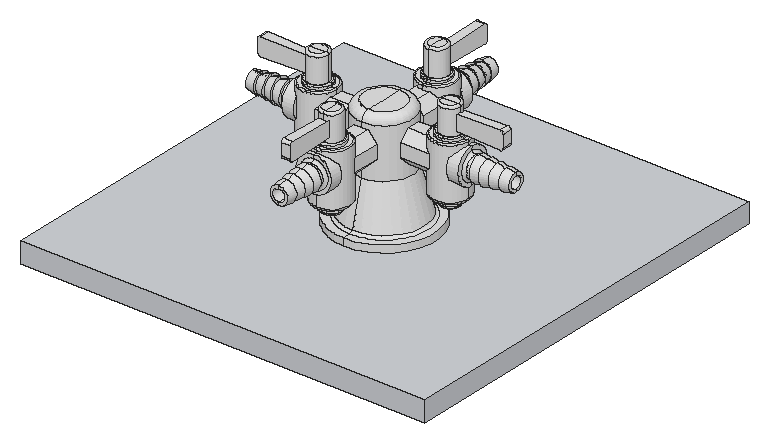
Revit family (continued)
Lines and regions (mm)
  symbolic lines, style "Taps/Mixers"
    curve 524: arc (6.748, 43.504, 0) -> (5.984, 44.109, 0) -> (5.598, 45.004, 0) r 2
    curve 525: arc (1.25, 60.67, 0) -> (1.957, 60.377, 0) -> (2.25, 59.67, 0) r 1
    curve 526: arc (-2.25, 59.67, 0) -> (-1.957, 60.377, 0) -> (-1.25, 60.67, 0) r 1
    curve 527: line (-2.25, 43.504, 0) -> (-6.752, 43.504, 0)
    curve 528: line (-6.752, 43.504, 0) -> (-6.752, 38.6, 0)
    curve 529: line (-8, 28.527, 0) -> (-8, 14.65, 0)
    curve 530: line (-8, 14.65, 0) -> (8, 14.65, 0)
    curve 531: line (8, 14.65, 0) -> (8, 28.527, 0)
    curve 532: line (-2.25, 47.004, 0) -> (-6.202, 47.004, 0)
    curve 533: line (-6.202, 47.004, 0) -> (-5.202, 51.504, 0)
    curve 534: line (2.25, 47.004, 0) -> (6.198, 47.004, 0)
    curve 535: line (6.198, 47.004, 0) -> (5.198, 51.504, 0)
    curve 536: line (2.25, 59.67, 0) -> (2.25, 37.114, 0)
    curve 537: line (-2.25, 59.67, 0) -> (-2.25, 37.116, 0)
    curve 538: line (-3.25, 24.257, 0) -> (-3.25, 14.65, 0)
    curve 539: line (3.25, 24.257, 0) -> (3.25, 14.65, 0)
    curve 540: line (-5.602, 45.004, 0) -> (-5.602, 47.004, 0)
    curve 541: line (6.748, 38.606, 0) -> (6.748, 43.504, 0)
    curve 542: line (6.748, 43.504, 0) -> (2.25, 43.504, 0)
    curve 543: line (5.598, 45.004, 0) -> (5.598, 47.004, 0)
    curve 544: line (-2.25, 51.504, 0) -> (-6.002, 51.504, 0)
    curve 545: line (-6.002, 51.504, 0) -> (-5.002, 56.004, 0)
    curve 546: line (-2.25, 56.004, 0) -> (-5.502, 56.004, 0)
    curve 547: line (-5.502, 56.004, 0) -> (-4.502, 60.504, 0)
    curve 548: line (-1.25, 60.67, 0) -> (1.25, 60.67, 0)
    curve 549: line (2.25, 51.504, 0) -> (5.998, 51.504, 0)
    curve 550: line (5.998, 51.504, 0) -> (4.998, 56.004, 0)
    curve 551: line (2.25, 56.004, 0) -> (5.498, 56.004, 0)
    curve 552: line (5.498, 56.004, 0) -> (4.498, 60.504, 0)
    curve 553: line (-5.002, 60.504, 0) -> (4.998, 60.504, 0)
    curve 554: line (4.998, 60.504, 0) -> (4.367, 64.559, 0)
    curve 555: line (3.848, 65.004, 0) -> (-3.872, 65.004, 0)
    curve 556: line (-4.368, 64.579, 0) -> (-5.002, 60.504, 0)
    curve 557: arc (-3.872, 65.004, 0) -> (-4.199, 64.883, 0) -> (-4.368, 64.579, 0) r 0.502
    curve 558: arc (4.367, 64.559, 0) -> (4.189, 64.878, 0) -> (3.848, 65.004, 0) r 0.525
    curve 559: arc (-8, 24.213, 0) -> (-18.031, 18.031, 0) -> (-24.213, 8, 0) r 25.5
    curve 560: arc (-18.581, -8, 0) -> (-14.305, -14.305, 0) -> (-8, -18.581, 0) r 20.23
    curve 561: arc (-8, 18.581, 0) -> (-14.305, 14.305, 0) -> (-18.581, 8, 0) r 20.23
    curve 562: arc (18.581, 8, 0) -> (14.305, 14.305, 0) -> (8, 18.581, 0) r 20.23
  symbolic lines, style "Taps/Mixers", detail levels medium+fine
    curve 123: arc (2.25, -38.748, 0) -> (0, -26.15, 0) -> (-2.25, -38.748, 0) r 6.5
    curve 279: arc (-38.748, -2.25, 0) -> (-26.15, 0, 0) -> (-38.748, 2.25, 0) r 6.5
    curve 435: arc (38.748, -2.25, 0) -> (26.15, 0, 0) -> (38.748, 2.25, 0) r 6.5
    curve 523: arc (2.25, 38.748, 0) -> (0, 26.15, 0) -> (-2.25, 38.748, 0) r 6.5
Dimensions and locks
  aligned and locked: plane 2 "Face" to Extrusion 1
  aligned and locked: level to Extrusion 1
Connectors
  piping at (0, 0, 0), driven by "FlowRate"
    settings: on cut or joined group of Revolve 2, Extrusion 3, Extrusion 4, index 1, connector radius 0.29528", flow factor 0, pipe flow 0.023 m³/h, pressure drop 0.00 kPa, fitting loss kfactor 0, connector angle 0.00°, fixture units 0, flow configuration 1, flow direction 1, fitting loss method 0, system type 22, connector reference index -1, connector utility 0, adjustable connector no, is connector primary yes, fitting loss table "", connector description "Gas"
Types (3, lengths in mm): name | PlumbingMaterial_ANZRS | Model | Description
  (no name) | Metal_Taps_DR-Brass-with-Chrome-Finish_10800 | "TG42C" | "CP Lab 4-Way Straight Turret Type 42"
  TG42C | Metal_Taps_DR-Brass-with-Chrome-Finish_10800 | "TG42C" | "CP Lab 4-Way Straight Turret Type 42"
  TG42E | Metal_Taps_DR-Brass-with-Epoxy-Coating_10800 | "TG42E" | "Epoxy Coated Lab 4-Way Straight Turret Type 42"
